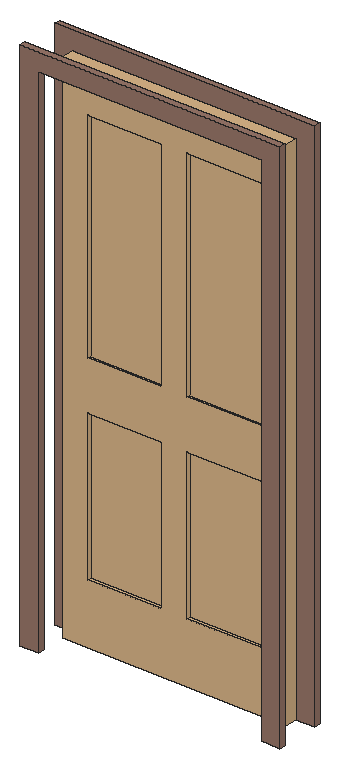
Revit family
Parameters (values of type "0915 x 2134mm")
  Thickness = 51.00 mm
  문 재료 = 문 - 패널
  프레임 재료 = 문 - 프레임
  Height = 2134.00 mm
  난간 폭 - 하단 = 250.00 mm
  난간 폭 - 중심 = 200.00 mm
  난간 폭 - 상단 = 175.00 mm
  선틀 폭 = 102.00 mm
  자르기 투영 외부 = 25.00 mm
  자르기 투영 내부 = 25.00 mm
  자르기 폭 = 76.00 mm
  Wall Closure = (empty or 0)
  Width = 915.00 mm
Types (7, lengths in mm): name | Height | Width
  0915 x 2134mm | 2134.00 | 915.00
  0864 x 2134mm | 2134.00 | 864.00
  0813 x 2134mm | 2134.00 | 813.00
  0762 x 2134mm | 2134.00 | 762.00
  0762 x 2032mm | 2032.00 | 762.00
  0915 x 2032mm | 2032.00 | 915.00
  0864 x 2032mm | 2032.00 | 864.00
Reference planes
  plane 1: y = 0
  plane 2: z = 0
  plane 3: x = 0
  plane 4: x = -457.5
  plane 5: x = 457.5
  plane 6: z = 2134
  plane 7: x = -355.5
  plane 8: x = 355.5
  plane 9: z = 1959
  plane 10: z = 863.6
  plane 11: z = 250
  plane 12: x = -51
  plane 13: x = 51
  plane 14: z = 1063.6
Forms (mm)
  Extrusion 1, solid, material "문 - 패널" <- "문 재료"
    sketch origin (-0.124, -219.075, 3.25) x (1, 0, 0) y (0, 0, 1)
      loop
        line (-354.827, 1957.345) -> (-354.827, 1061.741) -> (-51, 1061.741) -> (-51, 1957.345) -> (-354.827, 1957.345)
      loop
        line (51, 1957.345) -> (51, 1061.741) -> (356.173, 1061.741) -> (356.173, 1957.345) -> (51, 1957.345)
      loop
        line (-354.827, 861.945) -> (-354.827, 248.345) -> (-51, 248.345) -> (-51, 861.945) -> (-354.827, 861.945)
      loop
        line (51, 861.741) -> (51, 248.345) -> (356.173, 248.345) -> (356.173, 861.741) -> (51, 861.741)
      loop
        line (-457.5, 2132.141) -> (-457.5, -1.859) -> (457.5, -1.859) -> (457.5, 2132.141) -> (-457.5, 2132.141)
    from -295.275 to -244.275
  Extrusion 2, solid, material "문 - 프레임" <- "프레임 재료"
    sketch origin (-1524, -76.2, 0) x (1, 0, 0) y (0, 0, 1)
      loop
        line (990.5, 2210) -> (990.5, 1.391) -> (1066.376, 1.391) -> (1066.376, 2135.391) -> (1981.376, 2135.391) -> (1981.376, 1.391) -> (2057.5, 0) -> (2057.5, 2210) -> (990.5, 2210)
    from 0 to 25
  Extrusion 3, solid, material "문 - 프레임" <- "프레임 재료"
    sketch origin (-1524, 76.2, 0) x (-1, 0, 0) y (0, 0, 1)
      loop
        line (-2057.5, 2210) -> (-2057.5, 0) -> (-1981.376, 1.391) -> (-1981.376, 2135.391) -> (-1066.376, 2135.391) -> (-1066.376, 1.391) -> (-990.5, 1.391) -> (-990.5, 2210) -> (-2057.5, 2210)
    from 0 to 25
  Extrusion 4, solid, material "문 - 패널" <- "문 재료"
    sketch origin (-0.124, 25.2, 3.25) x (1, 0, 0) y (0, 0, 1)
      loop
        line (-354.827, 1957.345) -> (-354.827, 1061.741) -> (-51, 1061.741) -> (-51, 1957.345) -> (-354.827, 1957.345)
      loop
        line (51, 1957.345) -> (51, 1061.741) -> (356.173, 1061.741) -> (356.173, 1957.345) -> (51, 1957.345)
      loop
        line (-354.827, 861.945) -> (-354.827, 248.345) -> (-51, 248.345) -> (-51, 861.945) -> (-354.827, 861.945)
      loop
        line (51, 861.741) -> (51, 248.345) -> (356.173, 248.345) -> (356.173, 861.741) -> (51, 861.741)
    from -12.7 to -38.3
Lines and regions (mm)
  Opening 1
    outline origin (-1524, -76.2, 3657.6) x (0, 0, -1) y (1, 0, 0)
      loop
        line (1523.6, 1066.376) -> (3657.6, 1066.376) -> (3657.6, 1981.376) -> (1523.6, 1981.376) -> (1523.6, 1066.376)
  model lines, style "DoorsFrameMullionProjection"
    curve 1: line (-533.5, -76.2, 0) -> (-533.5, -76.2, 2210)
    curve 2: line (-533.5, -76.2, 2210) -> (533.5, -76.2, 2210)
    curve 3: line (533.5, -76.2, 2210) -> (533.5, -76.2, 0)
    curve 4: line (533.5, 76.2, 0) -> (533.5, 76.2, 2210)
    curve 5: line (-533.5, 76.2, 2210) -> (533.5, 76.2, 2210)
    curve 6: line (-533.5, 76.2, 2210) -> (-533.5, 76.2, 0)
  symbolic lines, style "DoorsPanelProjection"
    curve 7: line (457.5, 76.185, 0) -> (406.5, 76.185, 0)
    curve 8: line (457.5, 991.185, 0) -> (457.5, 76.185, 0)
    curve 9: line (406.5, 991.185, 0) -> (457.5, 991.185, 0)
    curve 10: line (406.5, 76.185, 0) -> (406.5, 991.185, 0)
  symbolic lines, style "평면 스윙"
    curve 11: arc (421.006, 991.185, 0) -> (-203.129, 710.529, 0) -> (-458.702, 75.71, 0) r 916.202
  symbolic lines, style "입면도 스윙"
    curve 12: line (-457.624, 0, 2134) -> (457.376, 0, 1067)
    curve 13: line (457.376, 0, 1067) -> (-457.624, 0, 1.391)
Dimensions and locks
  equal spacing: plane 4, plane 3, plane 5
  "Width": plane 4 to plane 5
  "Height": plane 6 to plane 2
  "자르기 폭": plane 4 to curve 1
  "자르기 폭": plane 5 to curve 3
  "자르기 폭": plane 6 to curve 2
  locked: curve 5 to host wall
  "Thickness": Extrusion 1 to Extrusion 1  (x2)
  "선틀 폭": plane 4 to plane 7
  "선틀 폭": plane 8 to plane 5
  "난간 폭 - 상단": plane 9 to plane 6
  "난간 폭 - 하단": host wall to plane 11
  "난간 폭 - 중심": plane 10 to plane 14
  Extrusion 3 to host wall = 25.00 mm
  "자르기 투영 내부": Extrusion 2 to host wall
  "자르기 투영 외부": Extrusion 3 to host wall
  "Width": curve 7 to curve 9
  "선틀 폭": plane 13 to plane 12
  equal spacing: plane 13, plane 3, plane 12
  locked: host wall to Extrusion 4 at 12.7
  "Thickness": curve 10 to plane 5
  equal spacing: plane 6, curve 13, level
  aligned and locked: plane 2 to curve 1
  aligned and locked: curve 3 to level
  aligned and locked: host wall to Extrusion 1
  aligned and locked: Extrusion 2 sketch curve to curve 6
  aligned and locked: Extrusion 2 sketch curve to curve 3
  aligned and locked: Extrusion 2 sketch curve to curve 2
  aligned and locked: Extrusion 3 sketch curve to curve 3
  aligned and locked: Extrusion 3 sketch curve to curve 6
  aligned and locked: Extrusion 3 sketch curve to curve 2
  aligned and locked: Extrusion 3 sketch curve to Extrusion 1  (x6)
Automatic sketch dimensions
  level to Extrusion 1 sketch curve = 1.391 mm
  Extrusion 1 sketch curve to plane 6 = 1.391 mm
  Extrusion 1 sketch curve to plane 14 = 1.391 mm  (x2)
  Extrusion 1 sketch curve to plane 10 = 1.391 mm
  plane 4 to Extrusion 1 sketch curve = 0.124 mm
  Extrusion 1 sketch curve to plane 7 = 0.549 mm  (x2)
  Extrusion 1 sketch curve to plane 11 = 1.595 mm  (x2)
  Extrusion 1 sketch curve to plane 12 = 0.124 mm  (x2)
  Extrusion 1 sketch curve to plane 13 = 0.124 mm  (x2)
  Extrusion 1 sketch curve to plane 8 = 0.549 mm  (x2)
  plane 5 to Extrusion 1 sketch curve = 0.124 mm
  Extrusion 1 sketch curve to plane 10 = 1.595 mm
  Extrusion 1 sketch curve to plane 9 = 1.595 mm  (x2)
  Opening 1 sketch curve to plane 6 = 0.00 mm
  Opening 1 sketch curve to level = 0.00 mm
  plane 4 to Opening 1 sketch curve = 0.124 mm
  plane 5 to Opening 1 sketch curve = 0.124 mm
  plane 4 to Extrusion 2 sketch curve = 0.124 mm
  plane 5 to Extrusion 2 sketch curve = 0.124 mm
  Extrusion 2 sketch curve to level = 0.00 mm
  level to Extrusion 2 sketch curve = 1.391 mm  (x2)
  Extrusion 2 sketch curve to plane 6 = 1.391 mm
  Extrusion 3 sketch curve to level = 0.00 mm
  level to Extrusion 3 sketch curve = 1.391 mm
  Extrusion 4 sketch curve to plane 7 = 0.549 mm  (x2)
  Extrusion 4 sketch curve to plane 12 = 0.124 mm  (x2)
  Extrusion 4 sketch curve to plane 13 = 0.124 mm  (x2)
  Extrusion 4 sketch curve to plane 8 = 0.549 mm  (x2)
  Extrusion 4 sketch curve to plane 11 = 1.595 mm  (x2)
  Extrusion 4 sketch curve to plane 10 = 1.391 mm
  Extrusion 4 sketch curve to plane 10 = 1.595 mm
  Extrusion 4 sketch curve to plane 14 = 1.391 mm  (x2)
  Extrusion 4 sketch curve to plane 9 = 1.595 mm  (x2)
  curve 8 to plane 5 = 0.00 mm
  curve 11 to plane 5 = 0.00 mm
  plane 4 to curve 11 = 1.202 mm
  curve 11 to plane 8 = 65.506 mm
  curve 11 to plane 1 = 75.71 mm
  curve 12 to plane 6 = 0.00 mm
  curve 4 to level = 0.00 mm
  curve 6 to level = 0.00 mm
  curve 5 to curve 1 = 0.00 mm
  plane 5 to curve 12 = 0.124 mm
  plane 4 to curve 13 = 0.124 mm
  level to curve 13 = 1.391 mm
  curve 6 to curve 1 = 0.00 mm
  plane 4 to curve 12 = 0.124 mm
  curve 4 to curve 2 = 0.00 mm
